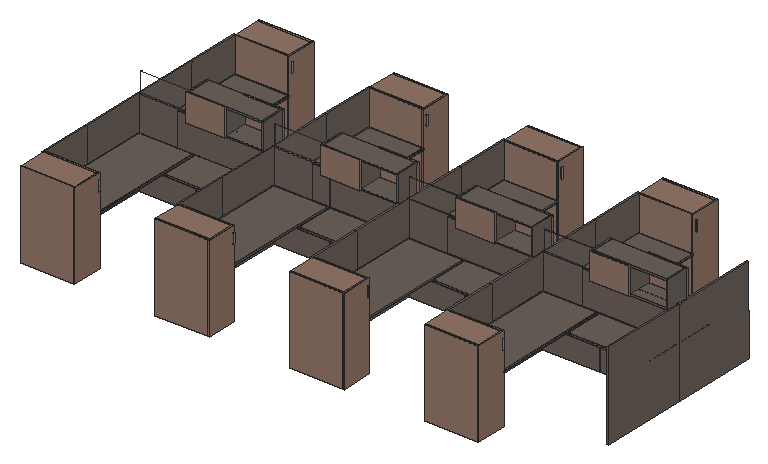
Revit family "OFS TYPICAL T200031", category Furniture, Revit 2022
Family settings
  OmniClass Number = 23.40.20.00
  OmniClass Title = General Furniture and Specialties
  Work Plane-Based = No
  Always vertical = Yes
  Cut with Voids When Loaded = No
  Render Appearance Source = Family Geometry
  Shared = No
  Room Calculation Point = No
Parameters (values of type "T200031")
  URL = "http://ofs.com/"
  Model = "T200031"
  Manufacturer = "OFS"
  Description = "OFS TYPICAL T200031"
  Default Elevation = 0' - 0"
  Copyright © = "©OFS 2024"
  Catalog = ""
  Authoring Version = "Autodesk Revit 2018"
  Assembly Code = "E2020200"
Reference planes (in)
  plane 1 "Center Front/Back": y = 0
  plane 2: z = 0
  plane 3 "Center Left/Right": x = 0
Dimensions and locks (in)
  aligned and locked: level to plane 2
Nested families (in)
  nested 1: "STAKS SLIDE OUT STORAGE TOWER Full Door" at (-10.99965, -102.97711, 0) x (0, 1, 0) z (0, 0, 1), type "STAKS SLIDE OUT STORAGE TOWER 48H Left - Three Section Felt Pocket & Section Felt Pocket & 2 Stationary Shelf"
  nested 2: "STAKS 15H SHARED ORGANIZER One Opening Per Side" at (-6.05498, 8.70865, 0), type "STAKS 15H SHARED ORGANIZER 42in W"
    with Height Above Floor 5' - 2 1/2"
  nested 3: "STAKS RECTANGULAR WORKSURFACES Short Grain" at (-7.55498, 1.33365, 0), type "STAKS RECTANGULAR WORKSURFACE 22 x 42"
    with Height Above Floor 2' - 5"
  nested 4: "STAKS RECTANGULAR WORKSURFACES Long Grain" at (-32.83365, -72.55498, 0) x (0, 1, 0) z (0, 0, 1), type "STAKS RECTANGULAR WORKSURFACE 64.5 x 30"
    with Height Above Floor 2' - 5", Depth 2' - 6", Width 5' - 4 1/2"
  nested 5: "STAKS WORKSURFACE HEIGHT PEDESTAL - FILE-FILE - NO RISER SUPPORT" at (13.08539, -23.00035, 0), type "STAKS WORKSURFACE HEIGHT PEDESTAL - FILE-FILE - NO RISER SUPPORT 19in D"
  nested 6: "STAKS SPINE OR DIVIDER WALL 48in" at (-33.83365, -73.55498, 0) x (0, 1, 0) z (0, 0, 1), type "STAKS SPINE OR DIVIDER WALL 48in X 30in"
    with Height Above Floor 4' - 0"
  nested 7: "STAKS SPINE OR DIVIDER WALL 48in" at (-38.55498, 2.33365, 0), type "STAKS SPINE OR DIVIDER WALL 48in X 31"
    with Height Above Floor 4' - 0", Width 2' - 7"
  nested 8: "STAKS SPINE OR DIVIDER WALL 48in" at (-33.83365, -43.55498, 0) x (0, 1, 0) z (0, 0, 1), type "STAKS SPINE OR DIVIDER WALL 48in X 36in"
    with Height Above Floor 4' - 0"
  nested 9: "STAKS SPINE OR DIVIDER WALL 48in" at (49.55498, -2.33365, 0) x (-1, 0, 0) z (0, 0, 1), type "STAKS SPINE OR DIVIDER WALL 48in X 42in"
    with Height Above Floor 4' - 0"
  nested 10: "STAKS SPINE OR DIVIDER WALL 48in" at (188.16635, -55.55498, 0) x (0, 1, 0) z (0, 0, 1), type "STAKS SPINE OR DIVIDER WALL 48in X 48in"
    with Height Above Floor 4' - 0"
  nested 11: "STAKS FROSTED ACRYLIC WORKSURFACE PRIVACY PANEL" at (1.25, -2.75035, 0), type "STAKS FROSTED ACRYLIC WORKSURFACE PRIVACY PANEL 30.5/13"
    with Width 2' - 6 1/2", Height 1' - 1"
  nested 12: "STAKS FABRIC TACKBOARD FOR SPINE OR DIVIDER WALL" at (-16.55498, 1.33365, 6), type ""
    with Height Above Floor 3' - 5 1/2"
  nested 13: "STAKS BENCHING CANTILEVER WORKSURFACE BRACKET - OPEN" at (22.25, -3.37535, 0), type "CANTILEVER WORKSURFACE BRACKET - OPEN 22in"
  nested 14: "STAKS BENCHING CANTILEVER WORKSURFACE BRACKET - OPEN" at (-28.12465, 7.25, 0) x (0, 1, 0) z (0, 0, 1), type "CANTILEVER WORKSURFACE BRACKET - OPEN 30in"
  nested 15: "STAKS BENCHING CANTILEVER WORKSURFACE BRACKET - MINI CONCEALED" at (13.25, -3.37535, 0), type "STAKS CANTILEVER WORKSURFACE BRACKET - MINI CONCEALED"
  nested 16: "STAKS BENCHING CANTILEVER WORKSURFACE BRACKET - OPEN" at (4.875, -3.37535, 0) x (-1, 0, 0) z (0, 0, 1), type ""
  nested 17: "STAKS BENCHING CANTILEVER WORKSURFACE BRACKET - OPEN" at (-28.12465, -71.75, 0) x (0, -1, 0) z (0, 0, 1), type ""
  nested 18: "STAKS BENCHING CANTILEVER WORKSURFACE BRACKET - OPEN" at (-28.12465, -55.79141, 0) x (0, -1, 0) z (0, 0, 1), type ""
  nested 19: "STAKS BENCHING CANTILEVER WORKSURFACE BRACKET - OPEN" at (-28.12465, -7.70859, 0) x (0, 1, 0) z (0, 0, 1), type "CANTILEVER WORKSURFACE BRACKET - OPEN 30in"
  nested 20: "STAKS SLIDE OUT STORAGE TOWER Full Door" at (-10.99965, 102.97711, 0) x (0, -1, 0) z (0, 0, 1), type ""
  nested 21: "STAKS RECTANGULAR WORKSURFACES Short Grain" at (-7.55498, -1.33365, 0), type ""
    with Height Above Floor 2' - 5"
  nested 22: "STAKS RECTANGULAR WORKSURFACES Long Grain" at (-32.83365, 72.55498, 0) x (0, -1, 0) z (0, 0, 1), type ""
    with Height Above Floor 2' - 5", Depth 2' - 6", Width 5' - 4 1/2"
  nested 23: "STAKS WORKSURFACE HEIGHT PEDESTAL - FILE-FILE - NO RISER SUPPORT" at (13.08539, 23.00035, 0), type ""
  nested 24: "STAKS SPINE OR DIVIDER WALL 48in" at (-33.83365, 73.55498, 0) x (0, -1, 0) z (0, 0, 1), type ""
    with Height Above Floor 4' - 0"
  nested 25: "STAKS SPINE OR DIVIDER WALL 48in" at (-33.83365, 43.55498, 0) x (0, -1, 0) z (0, 0, 1), type ""
    with Height Above Floor 4' - 0"
  nested 26: "STAKS BENCHING CANTILEVER WORKSURFACE BRACKET - OPEN" at (22.25, 3.37535, 0), type ""
  nested 27: "STAKS BENCHING CANTILEVER WORKSURFACE BRACKET - OPEN" at (-28.12465, -7.25, 0) x (0, -1, 0) z (0, 0, 1), type ""
  nested 28: "STAKS BENCHING CANTILEVER WORKSURFACE BRACKET - MINI CONCEALED" at (13.25, 3.37535, 0), type ""
  nested 29: "STAKS BENCHING CANTILEVER WORKSURFACE BRACKET - OPEN" at (4.875, 3.37535, 0) x (-1, 0, 0) z (0, 0, 1), type "CANTILEVER WORKSURFACE BRACKET - OPEN 22in"
  nested 30: "STAKS BENCHING CANTILEVER WORKSURFACE BRACKET - OPEN" at (-28.12465, 71.75, 0) x (0, 1, 0) z (0, 0, 1), type "CANTILEVER WORKSURFACE BRACKET - OPEN 30in"
  nested 31: "STAKS BENCHING CANTILEVER WORKSURFACE BRACKET - OPEN" at (-28.12465, 55.79141, 0) x (0, 1, 0) z (0, 0, 1), type "CANTILEVER WORKSURFACE BRACKET - OPEN 30in"
  nested 32: "STAKS BENCHING CANTILEVER WORKSURFACE BRACKET - OPEN" at (-28.12465, 7.70859, 0) x (0, -1, 0) z (0, 0, 1), type ""
  nested 33: "STAKS SLIDE OUT STORAGE TOWER Full Door" at (-84.99965, -102.97711, 0) x (0, 1, 0) z (0, 0, 1), type "STAKS SLIDE OUT STORAGE TOWER 48H Left - Three Section Felt Pocket & Section Felt Pocket & 2 Stationary Shelf"
  nested 34: "STAKS 15H SHARED ORGANIZER One Opening Per Side" at (-80.05498, 8.70865, 0), type "STAKS 15H SHARED ORGANIZER 42in W"
    with Height Above Floor 5' - 2 1/2"
  nested 35: "STAKS RECTANGULAR WORKSURFACES Short Grain" at (-81.55498, 1.33365, 0), type "STAKS RECTANGULAR WORKSURFACE 22 x 42"
    with Height Above Floor 2' - 5"
  nested 36: "STAKS RECTANGULAR WORKSURFACES Long Grain" at (-106.83365, -72.55498, 0) x (0, 1, 0) z (0, 0, 1), type "STAKS RECTANGULAR WORKSURFACE 64.5 x 30"
    with Height Above Floor 2' - 5", Depth 2' - 6", Width 5' - 4 1/2"
  nested 37: "STAKS WORKSURFACE HEIGHT PEDESTAL - FILE-FILE - NO RISER SUPPORT" at (-60.91461, -23.00035, 0), type "STAKS WORKSURFACE HEIGHT PEDESTAL - FILE-FILE - NO RISER SUPPORT 19in D"
  nested 38: "STAKS SPINE OR DIVIDER WALL 48in" at (-107.83365, -73.55498, 0) x (0, 1, 0) z (0, 0, 1), type "STAKS SPINE OR DIVIDER WALL 48in X 30in"
    with Height Above Floor 4' - 0"
  nested 39: "STAKS SPINE OR DIVIDER WALL 48in" at (-112.55498, 2.33365, 0), type "STAKS SPINE OR DIVIDER WALL 48in X 31"
    with Height Above Floor 4' - 0", Width 2' - 7"
  nested 40: "STAKS SPINE OR DIVIDER WALL 48in" at (-107.83365, -43.55498, 0) x (0, 1, 0) z (0, 0, 1), type "STAKS SPINE OR DIVIDER WALL 48in X 36in"
    with Height Above Floor 4' - 0"
  nested 41: "STAKS SPINE OR DIVIDER WALL 48in" at (-24.44502, -2.33365, 0) x (-1, 0, 0) z (0, 0, 1), type "STAKS SPINE OR DIVIDER WALL 48in X 42in"
    with Height Above Floor 4' - 0"
  nested 42: "STAKS FROSTED ACRYLIC WORKSURFACE PRIVACY PANEL" at (-72.75, -2.75035, 0), type "STAKS FROSTED ACRYLIC WORKSURFACE PRIVACY PANEL 30.5/13"
    with Width 2' - 6 1/2", Height 1' - 1"
  nested 43: "STAKS FABRIC TACKBOARD FOR SPINE OR DIVIDER WALL" at (-90.55498, 1.33365, 6), type ""
    with Height Above Floor 3' - 5 1/2"
  nested 44: "STAKS BENCHING CANTILEVER WORKSURFACE BRACKET - OPEN" at (-51.75, -3.37535, 0), type "CANTILEVER WORKSURFACE BRACKET - OPEN 22in"
  nested 45: "STAKS BENCHING CANTILEVER WORKSURFACE BRACKET - OPEN" at (-102.12465, 7.25, 0) x (0, 1, 0) z (0, 0, 1), type "CANTILEVER WORKSURFACE BRACKET - OPEN 30in"
  nested 46: "STAKS BENCHING CANTILEVER WORKSURFACE BRACKET - MINI CONCEALED" at (-60.75, -3.37535, 0), type "STAKS CANTILEVER WORKSURFACE BRACKET - MINI CONCEALED"
  nested 47: "STAKS BENCHING CANTILEVER WORKSURFACE BRACKET - OPEN" at (-69.125, -3.37535, 0) x (-1, 0, 0) z (0, 0, 1), type ""
  nested 48: "STAKS BENCHING CANTILEVER WORKSURFACE BRACKET - OPEN" at (-102.12465, -71.75, 0) x (0, -1, 0) z (0, 0, 1), type ""
  nested 49: "STAKS BENCHING CANTILEVER WORKSURFACE BRACKET - OPEN" at (-102.12465, -55.79141, 0) x (0, -1, 0) z (0, 0, 1), type ""
  nested 50: "STAKS BENCHING CANTILEVER WORKSURFACE BRACKET - OPEN" at (-102.12465, -7.70859, 0) x (0, 1, 0) z (0, 0, 1), type "CANTILEVER WORKSURFACE BRACKET - OPEN 30in"
  nested 51: "STAKS SLIDE OUT STORAGE TOWER Full Door" at (-84.99965, 102.97711, 0) x (0, -1, 0) z (0, 0, 1), type ""
  nested 52: "STAKS RECTANGULAR WORKSURFACES Short Grain" at (-81.55498, -1.33365, 0), type ""
    with Height Above Floor 2' - 5"
  nested 53: "STAKS RECTANGULAR WORKSURFACES Long Grain" at (-106.83365, 72.55498, 0) x (0, -1, 0) z (0, 0, 1), type ""
    with Height Above Floor 2' - 5", Depth 2' - 6", Width 5' - 4 1/2"
  nested 54: "STAKS WORKSURFACE HEIGHT PEDESTAL - FILE-FILE - NO RISER SUPPORT" at (-60.91461, 23.00035, 0), type ""
  nested 55: "STAKS SPINE OR DIVIDER WALL 48in" at (-107.83365, 73.55498, 0) x (0, -1, 0) z (0, 0, 1), type ""
    with Height Above Floor 4' - 0"
  nested 56: "STAKS SPINE OR DIVIDER WALL 48in" at (-107.83365, 43.55498, 0) x (0, -1, 0) z (0, 0, 1), type ""
    with Height Above Floor 4' - 0"
  nested 57: "STAKS BENCHING CANTILEVER WORKSURFACE BRACKET - OPEN" at (-51.75, 3.37535, 0), type ""
  nested 58: "STAKS BENCHING CANTILEVER WORKSURFACE BRACKET - OPEN" at (-102.12465, -7.25, 0) x (0, -1, 0) z (0, 0, 1), type ""
  nested 59: "STAKS BENCHING CANTILEVER WORKSURFACE BRACKET - MINI CONCEALED" at (-60.75, 3.37535, 0), type ""
  nested 60: "STAKS BENCHING CANTILEVER WORKSURFACE BRACKET - OPEN" at (-69.125, 3.37535, 0) x (-1, 0, 0) z (0, 0, 1), type "CANTILEVER WORKSURFACE BRACKET - OPEN 22in"
  nested 61: "STAKS BENCHING CANTILEVER WORKSURFACE BRACKET - OPEN" at (-102.12465, 71.75, 0) x (0, 1, 0) z (0, 0, 1), type "CANTILEVER WORKSURFACE BRACKET - OPEN 30in"
  nested 62: "STAKS BENCHING CANTILEVER WORKSURFACE BRACKET - OPEN" at (-102.12465, 55.79141, 0) x (0, 1, 0) z (0, 0, 1), type "CANTILEVER WORKSURFACE BRACKET - OPEN 30in"
  nested 63: "STAKS BENCHING CANTILEVER WORKSURFACE BRACKET - OPEN" at (-102.12465, 7.70859, 0) x (0, -1, 0) z (0, 0, 1), type ""
  nested 64: "STAKS SLIDE OUT STORAGE TOWER Full Door" at (137.00035, -102.97711, 0) x (0, 1, 0) z (0, 0, 1), type "STAKS SLIDE OUT STORAGE TOWER 48H Left - Three Section Felt Pocket & Section Felt Pocket & 2 Stationary Shelf"
  nested 65: "STAKS 15H SHARED ORGANIZER One Opening Per Side" at (141.94502, 8.70865, 0), type "STAKS 15H SHARED ORGANIZER 42in W"
    with Height Above Floor 5' - 2 1/2"
  nested 66: "STAKS RECTANGULAR WORKSURFACES Short Grain" at (140.44502, 1.33365, 0), type "STAKS RECTANGULAR WORKSURFACE 22 x 42"
    with Height Above Floor 2' - 5"
  nested 67: "STAKS RECTANGULAR WORKSURFACES Long Grain" at (115.16635, -72.55498, 0) x (0, 1, 0) z (0, 0, 1), type "STAKS RECTANGULAR WORKSURFACE 64.5 x 30"
    with Height Above Floor 2' - 5", Depth 2' - 6", Width 5' - 4 1/2"
  nested 68: "STAKS WORKSURFACE HEIGHT PEDESTAL - FILE-FILE - NO RISER SUPPORT" at (161.08539, -23.00035, 0), type "STAKS WORKSURFACE HEIGHT PEDESTAL - FILE-FILE - NO RISER SUPPORT 19in D"
  nested 69: "STAKS SPINE OR DIVIDER WALL 48in" at (114.16635, -73.55498, 0) x (0, 1, 0) z (0, 0, 1), type "STAKS SPINE OR DIVIDER WALL 48in X 30in"
    with Height Above Floor 4' - 0"
  nested 70: "STAKS SPINE OR DIVIDER WALL 48in" at (109.44502, 2.33365, 0), type "STAKS SPINE OR DIVIDER WALL 48in X 31"
    with Height Above Floor 4' - 0", Width 2' - 7"
  nested 71: "STAKS SPINE OR DIVIDER WALL 48in" at (114.16635, -43.55498, 0) x (0, 1, 0) z (0, 0, 1), type "STAKS SPINE OR DIVIDER WALL 48in X 36in"
    with Height Above Floor 4' - 0"
  nested 72: "STAKS SPINE OR DIVIDER WALL 48in" at (197.55498, -2.33365, 0) x (-1, 0, 0) z (0, 0, 1), type "STAKS SPINE OR DIVIDER WALL 48in X 42in"
    with Height Above Floor 4' - 0"
  nested 73: "STAKS FROSTED ACRYLIC WORKSURFACE PRIVACY PANEL" at (149.25, -2.75035, 0), type "STAKS FROSTED ACRYLIC WORKSURFACE PRIVACY PANEL 30.5/13"
    with Width 2' - 6 1/2", Height 1' - 1"
  nested 74: "STAKS FABRIC TACKBOARD FOR SPINE OR DIVIDER WALL" at (131.44502, 1.33365, 6), type ""
    with Height Above Floor 3' - 5 1/2"
  nested 75: "STAKS BENCHING CANTILEVER WORKSURFACE BRACKET - OPEN" at (170.25, -3.37535, 0), type "CANTILEVER WORKSURFACE BRACKET - OPEN 22in"
  nested 76: "STAKS BENCHING CANTILEVER WORKSURFACE BRACKET - OPEN" at (119.87535, 7.25, 0) x (0, 1, 0) z (0, 0, 1), type "CANTILEVER WORKSURFACE BRACKET - OPEN 30in"
  nested 77: "STAKS BENCHING CANTILEVER WORKSURFACE BRACKET - MINI CONCEALED" at (161.25, -3.37535, 0), type "STAKS CANTILEVER WORKSURFACE BRACKET - MINI CONCEALED"
  nested 78: "STAKS BENCHING CANTILEVER WORKSURFACE BRACKET - OPEN" at (152.875, -3.37535, 0) x (-1, 0, 0) z (0, 0, 1), type ""
  nested 79: "STAKS BENCHING CANTILEVER WORKSURFACE BRACKET - OPEN" at (119.87535, -71.75, 0) x (0, -1, 0) z (0, 0, 1), type ""
  nested 80: "STAKS BENCHING CANTILEVER WORKSURFACE BRACKET - OPEN" at (119.87535, -55.79141, 0) x (0, -1, 0) z (0, 0, 1), type ""
  nested 81: "STAKS BENCHING CANTILEVER WORKSURFACE BRACKET - OPEN" at (119.87535, -7.70859, 0) x (0, 1, 0) z (0, 0, 1), type "CANTILEVER WORKSURFACE BRACKET - OPEN 30in"
  nested 82: "STAKS SLIDE OUT STORAGE TOWER Full Door" at (137.00035, 102.97711, 0) x (0, -1, 0) z (0, 0, 1), type ""
  nested 83: "STAKS RECTANGULAR WORKSURFACES Short Grain" at (140.44502, -1.33365, 0), type ""
    with Height Above Floor 2' - 5"
  nested 84: "STAKS RECTANGULAR WORKSURFACES Long Grain" at (115.16635, 72.55498, 0) x (0, -1, 0) z (0, 0, 1), type ""
    with Height Above Floor 2' - 5", Depth 2' - 6", Width 5' - 4 1/2"
  nested 85: "STAKS WORKSURFACE HEIGHT PEDESTAL - FILE-FILE - NO RISER SUPPORT" at (161.08539, 23.00035, 0), type ""
  nested 86: "STAKS SPINE OR DIVIDER WALL 48in" at (114.16635, 73.55498, 0) x (0, -1, 0) z (0, 0, 1), type ""
    with Height Above Floor 4' - 0"
  nested 87: "STAKS SPINE OR DIVIDER WALL 48in" at (114.16635, 43.55498, 0) x (0, -1, 0) z (0, 0, 1), type ""
    with Height Above Floor 4' - 0"
  nested 88: "STAKS BENCHING CANTILEVER WORKSURFACE BRACKET - OPEN" at (170.25, 3.37535, 0), type ""
  nested 89: "STAKS BENCHING CANTILEVER WORKSURFACE BRACKET - OPEN" at (119.87535, -7.25, 0) x (0, -1, 0) z (0, 0, 1), type ""
  nested 90: "STAKS BENCHING CANTILEVER WORKSURFACE BRACKET - MINI CONCEALED" at (161.25, 3.37535, 0), type ""
  nested 91: "STAKS BENCHING CANTILEVER WORKSURFACE BRACKET - OPEN" at (152.875, 3.37535, 0) x (-1, 0, 0) z (0, 0, 1), type "CANTILEVER WORKSURFACE BRACKET - OPEN 22in"
  nested 92: "STAKS BENCHING CANTILEVER WORKSURFACE BRACKET - OPEN" at (119.87535, 71.75, 0) x (0, 1, 0) z (0, 0, 1), type "CANTILEVER WORKSURFACE BRACKET - OPEN 30in"
  nested 93: "STAKS BENCHING CANTILEVER WORKSURFACE BRACKET - OPEN" at (119.87535, 55.79141, 0) x (0, 1, 0) z (0, 0, 1), type "CANTILEVER WORKSURFACE BRACKET - OPEN 30in"
  nested 94: "STAKS BENCHING CANTILEVER WORKSURFACE BRACKET - OPEN" at (119.87535, 7.70859, 0) x (0, -1, 0) z (0, 0, 1), type ""
  nested 95: "STAKS SLIDE OUT STORAGE TOWER Full Door" at (63.00035, -102.97711, 0) x (0, 1, 0) z (0, 0, 1), type "STAKS SLIDE OUT STORAGE TOWER 48H Left - Three Section Felt Pocket & Section Felt Pocket & 2 Stationary Shelf"
  nested 96: "STAKS 15H SHARED ORGANIZER One Opening Per Side" at (67.94502, 8.70865, 0), type "STAKS 15H SHARED ORGANIZER 42in W"
    with Height Above Floor 5' - 2 1/2"
  nested 97: "STAKS RECTANGULAR WORKSURFACES Short Grain" at (66.44502, 1.33365, 0), type "STAKS RECTANGULAR WORKSURFACE 22 x 42"
    with Height Above Floor 2' - 5"
  nested 98: "STAKS RECTANGULAR WORKSURFACES Long Grain" at (41.16635, -72.55498, 0) x (0, 1, 0) z (0, 0, 1), type "STAKS RECTANGULAR WORKSURFACE 64.5 x 30"
    with Height Above Floor 2' - 5", Depth 2' - 6", Width 5' - 4 1/2"
  nested 99: "STAKS WORKSURFACE HEIGHT PEDESTAL - FILE-FILE - NO RISER SUPPORT" at (87.08539, -23.00035, 0), type "STAKS WORKSURFACE HEIGHT PEDESTAL - FILE-FILE - NO RISER SUPPORT 19in D"
  nested 100: "STAKS SPINE OR DIVIDER WALL 48in" at (40.16635, -73.55498, 0) x (0, 1, 0) z (0, 0, 1), type "STAKS SPINE OR DIVIDER WALL 48in X 30in"
    with Height Above Floor 4' - 0"
  nested 101: "STAKS SPINE OR DIVIDER WALL 48in" at (35.44502, 2.33365, 0), type "STAKS SPINE OR DIVIDER WALL 48in X 31"
    with Height Above Floor 4' - 0", Width 2' - 7"
  nested 102: "STAKS SPINE OR DIVIDER WALL 48in" at (40.16635, -43.55498, 0) x (0, 1, 0) z (0, 0, 1), type "STAKS SPINE OR DIVIDER WALL 48in X 36in"
    with Height Above Floor 4' - 0"
  nested 103: "STAKS SPINE OR DIVIDER WALL 48in" at (123.55498, -2.33365, 0) x (-1, 0, 0) z (0, 0, 1), type "STAKS SPINE OR DIVIDER WALL 48in X 42in"
    with Height Above Floor 4' - 0"
  nested 104: "STAKS FROSTED ACRYLIC WORKSURFACE PRIVACY PANEL" at (75.25, -2.75035, 0), type "STAKS FROSTED ACRYLIC WORKSURFACE PRIVACY PANEL 30.5/13"
    with Width 2' - 6 1/2", Height 1' - 1"
  nested 105: "STAKS FABRIC TACKBOARD FOR SPINE OR DIVIDER WALL" at (57.44502, 1.33365, 6), type ""
    with Height Above Floor 3' - 5 1/2"
  nested 106: "STAKS BENCHING CANTILEVER WORKSURFACE BRACKET - OPEN" at (96.25, -3.37535, 0), type "CANTILEVER WORKSURFACE BRACKET - OPEN 22in"
  nested 107: "STAKS BENCHING CANTILEVER WORKSURFACE BRACKET - OPEN" at (45.87535, 7.25, 0) x (0, 1, 0) z (0, 0, 1), type "CANTILEVER WORKSURFACE BRACKET - OPEN 30in"
  nested 108: "STAKS BENCHING CANTILEVER WORKSURFACE BRACKET - MINI CONCEALED" at (87.25, -3.37535, 0), type "STAKS CANTILEVER WORKSURFACE BRACKET - MINI CONCEALED"
  nested 109: "STAKS BENCHING CANTILEVER WORKSURFACE BRACKET - OPEN" at (78.875, -3.37535, 0) x (-1, 0, 0) z (0, 0, 1), type ""
  nested 110: "STAKS BENCHING CANTILEVER WORKSURFACE BRACKET - OPEN" at (45.87535, -71.75, 0) x (0, -1, 0) z (0, 0, 1), type ""
  nested 111: "STAKS BENCHING CANTILEVER WORKSURFACE BRACKET - OPEN" at (45.87535, -55.79141, 0) x (0, -1, 0) z (0, 0, 1), type ""
  nested 112: "STAKS BENCHING CANTILEVER WORKSURFACE BRACKET - OPEN" at (45.87535, -7.70859, 0) x (0, 1, 0) z (0, 0, 1), type "CANTILEVER WORKSURFACE BRACKET - OPEN 30in"
  nested 113: "STAKS SLIDE OUT STORAGE TOWER Full Door" at (63.00035, 102.97711, 0) x (0, -1, 0) z (0, 0, 1), type ""
  nested 114: "STAKS RECTANGULAR WORKSURFACES Short Grain" at (66.44502, -1.33365, 0), type ""
    with Height Above Floor 2' - 5"
  nested 115: "STAKS RECTANGULAR WORKSURFACES Long Grain" at (41.16635, 72.55498, 0) x (0, -1, 0) z (0, 0, 1), type ""
    with Height Above Floor 2' - 5", Depth 2' - 6", Width 5' - 4 1/2"
  nested 116: "STAKS WORKSURFACE HEIGHT PEDESTAL - FILE-FILE - NO RISER SUPPORT" at (87.08539, 23.00035, 0), type ""
  nested 117: "STAKS SPINE OR DIVIDER WALL 48in" at (40.16635, 73.55498, 0) x (0, -1, 0) z (0, 0, 1), type ""
    with Height Above Floor 4' - 0"
  nested 118: "STAKS SPINE OR DIVIDER WALL 48in" at (40.16635, 43.55498, 0) x (0, -1, 0) z (0, 0, 1), type ""
    with Height Above Floor 4' - 0"
  nested 119: "STAKS BENCHING CANTILEVER WORKSURFACE BRACKET - OPEN" at (96.25, 3.37535, 0), type ""
  nested 120: "STAKS BENCHING CANTILEVER WORKSURFACE BRACKET - OPEN" at (45.87535, -7.25, 0) x (0, -1, 0) z (0, 0, 1), type ""
  nested 121: "STAKS BENCHING CANTILEVER WORKSURFACE BRACKET - MINI CONCEALED" at (87.25, 3.37535, 0), type ""
  nested 122: "STAKS BENCHING CANTILEVER WORKSURFACE BRACKET - OPEN" at (78.875, 3.37535, 0) x (-1, 0, 0) z (0, 0, 1), type "CANTILEVER WORKSURFACE BRACKET - OPEN 22in"
  nested 123: "STAKS BENCHING CANTILEVER WORKSURFACE BRACKET - OPEN" at (45.87535, 71.75, 0) x (0, 1, 0) z (0, 0, 1), type "CANTILEVER WORKSURFACE BRACKET - OPEN 30in"
  nested 124: "STAKS BENCHING CANTILEVER WORKSURFACE BRACKET - OPEN" at (45.87535, 55.79141, 0) x (0, 1, 0) z (0, 0, 1), type "CANTILEVER WORKSURFACE BRACKET - OPEN 30in"
  nested 125: "STAKS BENCHING CANTILEVER WORKSURFACE BRACKET - OPEN" at (45.87535, 7.70859, 0) x (0, -1, 0) z (0, 0, 1), type ""
  nested 126: "STAKS SPINE OR DIVIDER WALL 48in" at (188.16635, 55.55498, 0) x (0, -1, 0) z (0, 0, 1), type ""
    with Height Above Floor 4' - 0"
Definition of nested family "STAKS SLIDE OUT STORAGE TOWER Full Door"
  Parameters (values of type "STAKS SLIDE OUT STORAGE TOWER 42H Right - Three Section Felt Pocket & Section Felt Pocket & Stationary Shelf")
    URL = "http://www.ofs.com/"
    Right = yes
    Model = "6-1742SOSR1"
    Manufacturer = "OFS"
    Left = no
    Height = 3' - 6"
    Door Material = none
    Door Handle Material = none
    Description = "OFS STAKS SLIDE OUT STORAGE TOWER 42in Height, Right Aligned, Three Section Felt Pocket& Section Felt Pocket & Stationary Shelf"
    Width = 1' - 5"
    Depth = 2' - 6"
    Default Elevation = 0' - 0"
    Copyright © = "© 2018 OFS"
    Chasis Material = none
    Catalog = "https://ofs.com/products/casegoods/private-office/staks"
    Board Width = 0' - 0 3/4"
    Authoring Version = "Autodesk Revit Architecture 2013"
    Assembly Code = "E2020200"
  Types (12): name | Right | Model | Left | Height | Description
    STAKS SLIDE OUT STORAGE TOWER 42H Left - Three Section Felt Pocket & Section Felt Pocket & Stationary Shelf | no | "6-1742SOSL1" | yes | 3' - 6" | "OFS STAKS SLIDE OUT STORAGE TOWER 42in Height, Left Aligned, Three Section Felt Pocket& Section Felt Pocket & Stationary Shelf"
    STAKS SLIDE OUT STORAGE TOWER 42H Right - Three Section Felt Pocket & Section Felt Pocket & Stationary Shelf | yes | "6-1742SOSR1" | no | 3' - 6" | "OFS STAKS SLIDE OUT STORAGE TOWER 42in Height, Right Aligned, Three Section Felt Pocket& Section Felt Pocket & Stationary Shelf"
    STAKS SLIDE OUT STORAGE TOWER 48H Right - Three Section Felt Pocket & Section Felt Pocket & 2 Stationary Shelf | yes | "6-1748SOSR1" | no | 4' - 0" | "OFS STAKS SLIDE OUT STORAGE TOWER 48in Height, Right Aligned, Three Section Felt Pocket& Section Felt Pocket & 2 Stationary Shelf"
    STAKS SLIDE OUT STORAGE TOWER 48H Left - Three Section Felt Pocket & Section Felt Pocket & 2 Stationary Shelf | no | "6-1748SOSL1" | yes | 4' - 0" | "OFS STAKS SLIDE OUT STORAGE TOWER 48in Height, Left Aligned, Three Section Felt Pocket& Section Felt Pocket & 2 Stationary Shelf"
    STAKS SLIDE OUT STORAGE TOWER 42H Left - Box Drawer & 2 Stationary Shelf | no | "6-1742SOSL2" | yes | 3' - 6" | "OFS STAKS SLIDE OUT STORAGE TOWER 42in Height, Left Aligned, Box Drawer & 2 Stationary Shelf"
    STAKS SLIDE OUT STORAGE TOWER 42H Right - Box Drawer & 2 Stationary Shelf | yes | "6-1742SOSR2" | no | 3' - 6" | "OFS STAKS SLIDE OUT STORAGE TOWER 42in Height, Right Aligned, Box Drawer & 2 Stationary Shelf"
    STAKS SLIDE OUT STORAGE TOWER 48H Left - Box Drawer & 3 Stationary Shelf | no | "6-1748SOSL2" | yes | 4' - 0" | "OFS STAKS SLIDE OUT STORAGE TOWER 48in Height, Left Aligned, Box Drawer & 3 Stationary Shelf"
    STAKS SLIDE OUT STORAGE TOWER 48H Right - Box Drawer & 3 Stationary Shelf | yes | "6-1748SOSR2" | no | 4' - 0" | "OFS STAKS SLIDE OUT STORAGE TOWER 48in Height, Left Aligned, Box Drawer & 3 Stationary Shelf"
    STAKS SLIDE OUT STORAGE TOWER 42H Left - 2 Stationary Shelf | no | "6-1742SOSL3" | yes | 3' - 6" | "OFS STAKS SLIDE OUT STORAGE TOWER 42in Height, Left Aligned, 2 Stationary Shelf"
    STAKS SLIDE OUT STORAGE TOWER 48H Left - 3 Stationary Shelf | no | "6-1748SOSL3" | yes | 4' - 0" | "OFS STAKS SLIDE OUT STORAGE TOWER 48in Height, Left Aligned, 3 Stationary Shelf"
    STAKS SLIDE OUT STORAGE TOWER 42H Right - 2 Stationary Shelf | yes | "6-1742SOSR3" | no | 3' - 6" | "OFS STAKS SLIDE OUT STORAGE TOWER 42in Height, Right Aligned, 2 Stationary Shelf"
    STAKS SLIDE OUT STORAGE TOWER 48H Right - 3 Stationary Shelf | yes | "6-1748SOSR3" | no | 3' - 6" | "OFS STAKS SLIDE OUT STORAGE TOWER 48in Height, Right Aligned, 3 Stationary Shelf"
  Reference planes (in)
    plane 1: z = 0
    plane 2 "Right": x = 20.97711
    plane 3 "PEDESTAL TOP": z = 41.25
    plane 4: z = 1.25
    plane 5: z = 0.5
    plane 6: z = 42
    plane 7: x = 37.97711
    plane 8: y = -9.24965
    plane 9: y = -9.99965
    plane 10: x = 21.72711
    plane 11: x = 37.22711
    plane 12: y = 20.00035
    plane 13: y = 5.00035
    plane 14: x = 29.47711
    plane 15: y = 19.25035
    plane 16: z = 41.875
    plane 17: z = 0.625
    plane 18: x = 21.03961
    plane 19: x = 37.91461
    plane 20: z = 3.57087
    plane 21: z = 2.82087
    plane 22: y = -4.24965
    plane 23: z = 39.07406
    plane 24: z = 38.69906
    plane 25: z = 34.01156
    plane 26: z = 33.63656
    plane 27: y = -10.99965
    plane 28: y = -10.74965
    plane 29: x = 36.41461
    plane 30: x = 36.91461
    plane 31: x = 22.53961
    plane 32: x = 22.03961
  Forms (in)
    Extrusion 1, solid, material <- "Door Material"
      sketch origin (65.97711, 5, -13.1802) x (0, 1, 0) y (0, 0, -1)
        loop
          line (-14.99965, -55.0552) -> (-14.24965, -55.0552) -> (-14.24965, -13.8052) -> (-14.99965, -13.8052) -> (-14.99965, -55.0552)
      from 28.0625 to 44.9375
    Extrusion 2, solid, material <- "Chasis Material"
      sketch origin (44.95422, -1.24965, 0) x (-1, 0, 0) y (0, 0, -1)
        loop
          line (6.97711, -0.5) -> (6.97711, -42) -> (7.72711, -42) -> (7.72711, -0.5) -> (6.97711, -0.5)
      from -21.25 to 8
    Extrusion 3, solid, material <- "Chasis Material"
      sketch origin (31.20422, -1.24965, 0) x (-1, 0, 0) y (0, 0, -1)
        loop
          line (9.47711, -0.5) -> (9.47711, -42) -> (10.22711, -42) -> (10.22711, -0.5) -> (9.47711, -0.5)
      from -21.25 to 8
    Extrusion 4, solid, material <- "Chasis Material"
      sketch origin (22.60211, 31.02324, 0) x (0, 1, 0) y (0, 0, -1)
        loop
          line (-11.77289, -0.5) -> (-11.77289, -41.25) -> (-11.02289, -41.25) -> (-11.02289, -0.5) -> (-11.77289, -0.5)
      from -14.625 to 0.875
    Extrusion 5, solid, material <- "Chasis Material"
      sketch origin (84.51466, 23.31058, 11.25) x (1, 0, 0) y (0, 1, 0)
        loop
          line (-47.28755, -3.31023) -> (-62.78755, -3.31023) -> (-62.78755, -32.56023) -> (-47.28755, -32.56023) -> (-47.28755, -3.31023)
      from 30.75 to 30
    Extrusion 6, solid, material <- "Chasis Material"
      sketch origin (41.95422, 10.87535, -22.67913) x (-1, 0, 0) y (0, 0, -1)
        loop
          line (4.72711, -26.25) -> (20.22711, -26.25) -> (20.22711, -25.5) -> (4.72711, -25.5) -> (4.72711, -26.25)
      from -8.375 to 15.125
    Extrusion 7, solid, material <- "Door Handle Material", visible <- "Left"
      sketch origin (-12.02289, 0, 0) x (0, 1, 0) y (0, 0, 1)
        loop
          line (-10.99965, 33.63656) -> (-9.99965, 33.63656) -> (-9.99965, 34.01156) -> (-10.74965, 34.01156) -> (-10.74965, 38.69906) -> (-9.99965, 38.69906) -> (-9.99965, 39.07406) -> (-10.99965, 39.07406) -> (-10.99965, 33.63656)
      from 48.4375 to 48.9375
    Extrusion 8, solid, material <- "Door Handle Material", visible <- "Right"
      sketch origin (70.97711, 0, 0) x (0, 1, 0) y (0, 0, -1)
        loop
          line (-10.99965, -33.63656) -> (-10.99965, -39.07406) -> (-9.99965, -39.07406) -> (-9.99965, -38.69906) -> (-10.74965, -38.69906) -> (-10.74965, -34.01156) -> (-9.99965, -34.01156) -> (-9.99965, -33.63656) -> (-10.99965, -33.63656)
      from 48.4375 to 48.9375
  Dimensions and locks (in)
    "Board Width": plane 9 to plane 8
    "Width": plane 7 to plane 2 "Right"
    "Board Width": plane 7 to plane 11
    "Board Width": plane 15 to plane 12
    "Board Width": plane 2 "Right" to plane 10
    equal spacing: plane 2 "Right", plane 14, plane 7
    "Depth": plane 9 to plane 12
    "Board Width": plane 6 to plane 3 "PEDESTAL TOP"
    "Board Width": plane 4 to plane 5
    "Height": plane 6 to level
    equal spacing: plane 9, plane 13, plane 12
    locked: plane 6 to plane 16 at 0.125
    locked: plane 17 to plane 5 at 0.125
    locked: plane 18 to plane 2 "Right" at 0.0625
    locked: plane 19 to plane 7 at 0.0625
    locked: plane 5 to plane 1 at 0.5
    locked: plane 21 to plane 4 at 1.57087
    "Board Width": plane 20 to plane 21
    locked: plane 8 to plane 22 at 5
    plane 29 to plane 30 to plane 7 = 0' - 0 1/2" locked, 0' - 1 1/16" locked
    plane 6 to plane 23 to plane 24 to plane 25 to plane 26 = 0' - 2.92594" locked, 0' - 0 3/8" locked, 0' - 4 11/16" locked, 0' - 0 3/8" locked
    plane 9 to plane 28 to plane 27 = 0' - 0 3/4" locked, 0' - 0 1/4" locked
    plane 31 to plane 32 to plane 2 "Right" = 0' - 0 1/2" locked, 0' - 1 1/16" locked
    aligned and locked: level to plane 1
    aligned and locked: plane 12 to Extrusion 3
    aligned and locked: Extrusion 3 to plane 8
    aligned and locked: Extrusion 2 to plane 8
    aligned and locked: plane 12 to Extrusion 2
    aligned and locked: plane 11 to Extrusion 4
    aligned and locked: Extrusion 4 to plane 10
    aligned and locked: plane 10 to Extrusion 3
    aligned and locked: plane 2 "Right" to Extrusion 3
    aligned and locked: Extrusion 2 to plane 11
    aligned and locked: plane 7 to Extrusion 2
    aligned and locked: plane 12 to Extrusion 4
    aligned and locked: plane 8 to Extrusion 1 sketch curve
    aligned and locked: Extrusion 1 sketch curve to plane 9
    aligned and locked: plane 6 to Extrusion 5
    aligned and locked: Extrusion 5 to plane 3 "PEDESTAL TOP"
    aligned and locked: Extrusion 5 to plane 12
    aligned and locked: plane 10 to Extrusion 5
    aligned and locked: Extrusion 5 to plane 11
    aligned and locked: plane 6 to Extrusion 2
    aligned and locked: plane 6 to Extrusion 3
    aligned and locked: plane 8 to Extrusion 5
    aligned and locked: plane 15 to Extrusion 4
    aligned and locked: plane 16 to Extrusion 1
    aligned and locked: Extrusion 1 to plane 17
    aligned and locked: Extrusion 1 to plane 19
    aligned and locked: Extrusion 1 to plane 18
    aligned and locked: plane 10 to Extrusion 6
    aligned and locked: Extrusion 6 to plane 11
    aligned and locked: plane 20 to Extrusion 6
    aligned and locked: Extrusion 6 to plane 21
    aligned and locked: Extrusion 6 to plane 15
    aligned and locked: plane 22 to Extrusion 6
    aligned and locked: plane 27 to Extrusion 7 sketch curve
    aligned and locked: plane 23 to Extrusion 7 sketch curve
    aligned and locked: plane 26 to Extrusion 7 sketch curve
    aligned and locked: Extrusion 7 sketch curve to plane 9
    aligned and locked: plane 25 to Extrusion 7 sketch curve
    aligned and locked: plane 28 to Extrusion 7 sketch curve
    aligned and locked: plane 24 to Extrusion 7 sketch curve
    aligned and locked: Extrusion 7 to plane 30
    aligned and locked: plane 29 to Extrusion 7
    aligned and locked: plane 32 to Extrusion 8  (x2)
    aligned and locked: Extrusion 8 to plane 31  (x2)
    aligned and locked: plane 28 to Extrusion 8
    aligned and locked: Extrusion 8 to plane 27
    aligned and locked: plane 23 to Extrusion 8
    aligned and locked: Extrusion 8 to plane 24
    aligned and locked: plane 25 to Extrusion 8
    aligned and locked: Extrusion 8 to plane 26
    aligned and locked: Extrusion 8 to plane 9  (x2)
  Automatic sketch dimensions
    Extrusion 7 sketch curve to plane 9 = 0' - 0"
    Extrusion 8 sketch curve to plane 23 = 0' - 0"
    Extrusion 8 sketch curve to plane 27 = 0' - 0"
    Extrusion 8 sketch curve to plane 25 = 0' - 0"
    Extrusion 8 sketch curve to plane 28 = 0' - 0"
    Extrusion 8 sketch curve to plane 9 = 0' - 0"  (x2)
    Extrusion 8 sketch curve to plane 24 = 0' - 0"
    Extrusion 8 sketch curve to plane 26 = 0' - 0"
    Extrusion 1 sketch curve to plane 17 = 0' - 0"
    Extrusion 1 sketch curve to plane 16 = 0' - 0"
    Extrusion 2 sketch curve to plane 5 = 0' - 0"
    plane 7 to Extrusion 2 sketch curve = 0' - 0"
    Extrusion 2 sketch curve to plane 6 = 0' - 0"
    plane 11 to Extrusion 2 sketch curve = 0' - 0"
    Extrusion 3 sketch curve to plane 5 = 0' - 0"
    plane 10 to Extrusion 3 sketch curve = 0' - 0"
    Extrusion 3 sketch curve to plane 2 "Right" = 0' - 0"
    Extrusion 3 sketch curve to plane 6 = 0' - 0"
    Extrusion 4 sketch curve to plane 5 = 0' - 0"
    Extrusion 4 sketch curve to plane 15 = 0' - 0"
    Extrusion 4 sketch curve to plane 3 "PEDESTAL TOP" = 0' - 0"
    Extrusion 4 sketch curve to plane 12 = 0' - 0"
    Extrusion 5 sketch curve to plane 10 = 0' - 0"
    plane 8 to Extrusion 5 sketch curve = 0' - 0"
    Extrusion 5 sketch curve to plane 11 = 0' - 0"
    plane 12 to Extrusion 5 sketch curve = 0' - 0"
    plane 11 to Extrusion 6 sketch curve = 0' - 0"
    plane 10 to Extrusion 6 sketch curve = 0' - 0"
    Extrusion 6 sketch curve to plane 20 = 0' - 0"
    Extrusion 6 sketch curve to plane 21 = 0' - 0"
Definition of nested family "STAKS 15H SHARED ORGANIZER One Opening Per Side"
  Parameters (values of type "STAKS 15H SHARED ORGANIZER 30in W")
    URL = "http://www.ofs.com/"
    Height Above Floor [instance] = 5' - 2 1/2"
    Height = 1' - 3"
    Doors Material = none
    Depth = 1' - 2 1/2"
    Model = "6-3015SORG2A"
    Manufacturer = "OFS"
    Description = "OFS STAKS 15H SHARED ORGANIZER 30\" Width, One Opening per Side"
    Width = 2' - 6"
    Default Elevation = 0' - 0"
    Copyright © = "© 2018 OFS"
    Catalog = "https://ofs.com/products/casegoods/private-office/staks"
    Board Material = none
    Board Thickness = 0' - 0 3/4"
    Authoring Version = "Autodesk Revit Architecture 2013"
    Assembly Code = "E2020200"
  Types (3): name | Model | Description | Width
    STAKS 15H SHARED ORGANIZER 36in W | "6-3615SORG2A" | "OFS STAKS 15H SHARED ORGANIZER 36\" Width, One Opening per Side" | 3' - 0"
    STAKS 15H SHARED ORGANIZER 42in W | "6-4215SORG2A" | "OFS STAKS 15H SHARED ORGANIZER 42\" Width, One Opening per Side" | 3' - 6"
    STAKS 15H SHARED ORGANIZER 30in W | "6-3015SORG2A" | "OFS STAKS 15H SHARED ORGANIZER 30\" Width, One Opening per Side" | 2' - 6"
  Reference planes (in)
    plane 1: z = -0.125
    plane 2 "LEFT": x = 12.05498
    plane 3 "RIGHT": x = 42.05498
    plane 4 "BACK": y = -1.83365
    plane 5 "FRONT": y = -14.83365
    plane 6: x = 12.80498
    plane 7: x = 41.30498
    plane 8: z = 47.375
    plane 9 "SURFACE TOP": z = 62.375
    plane 10: z = 48.125
    plane 11: x = 27.05498
    plane 12: z = 61.625
    plane 13: y = -8.33365
    plane 14: y = -7.95865
    plane 15: y = -8.70865
    plane 16: x = 27.42998
    plane 17: x = 26.67998
    plane 18: y = -1.08365
    plane 19: y = -15.58365
  Forms (in)
    Extrusion 1, solid, material <- "Board Material"
      sketch origin (0, 0, 62.375) x (0, 1, 0) y (-1, 0, 0)
        loop
          line (-1.83365, -12.80498) -> (-14.83365, -12.80498) -> (-14.83365, -41.30498) -> (-1.83365, -41.30498) -> (-1.83365, -12.80498)
      from -14.25 to -15
    Extrusion 2, solid, material <- "Board Material"
      sketch origin (0, 0, 62.375) x (0, 1, 0) y (-1, 0, 0)
        loop
          line (-1.83365, -12.80498) -> (-1.83365, -12.05498) -> (-14.83365, -12.05498) -> (-14.83365, -12.80498) -> (-1.83365, -12.80498)
        loop
          line (-1.83365, -42.05498) -> (-1.83365, -41.30498) -> (-14.83365, -41.30498) -> (-14.83365, -42.05498) -> (-1.83365, -42.05498)
      from 0 to -15
    Extrusion 3, solid, material <- "Board Material"
      sketch origin (0, 0, 27.375) x (0, 1, 0) y (-1, 0, 0)
        loop
          line (-1.83365, -12.80498) -> (-14.83365, -12.80498) -> (-14.83365, -41.30498) -> (-1.83365, -41.30498) -> (-1.83365, -12.80498)
      from 35 to 34.25
    Extrusion 4, solid, material <- "Board Material"
      sketch origin (0, 0, 62.375) x (0, 1, 0) y (-1, 0, 0)
        loop
          line (-1.83365, -26.67998) -> (-14.83365, -26.67998) -> (-14.83365, -27.42998) -> (-1.83365, -27.42998) -> (-1.83365, -26.67998)
      from -0.75 to -14.25
    Extrusion 5, solid, material <- "Doors Material"
      sketch origin (-1.5309, -10.89295, 62.375) x (0, 1, 0) y (-1, 0, 0)
        loop
          line (-3.9407, -13.58589) -> (-4.6907, -13.58589) -> (-4.6907, -28.96089) -> (-3.9407, -28.96089) -> (-3.9407, -13.58589)
      from 0 to -15
    Extrusion 6, solid, material <- "Doors Material"
      sketch origin (30.99601, 21.63396, 62.375) x (0, 1, 0) y (-1, 0, 0)
        loop
          line (-22.71762, 4.31603) -> (-23.46762, 4.31603) -> (-23.46762, -11.05897) -> (-22.71762, -11.05897) -> (-22.71762, 4.31603)
      from 0 to -15
  Dimensions and locks (in)
    "Width": plane 2 "LEFT" to plane 3 "RIGHT"
    "Height": plane 9 "SURFACE TOP" to plane 8
    "Board Thickness": plane 2 "LEFT" to plane 6
    "Board Thickness": plane 7 to plane 3 "RIGHT"
    "Height Above Floor": plane 9 "SURFACE TOP" to level
    "Board Thickness": plane 10 to plane 8
    equal spacing: plane 2 "LEFT", plane 11, plane 3 "RIGHT"
    "Board Thickness": plane 9 "SURFACE TOP" to plane 12
    equal spacing: plane 4 "BACK", plane 13, plane 5 "FRONT"
    equal spacing: plane 14, plane 13, plane 15
    "Board Thickness": plane 14 to plane 15
    equal spacing: plane 17, plane 11, plane 16
    "Board Thickness": plane 17 to plane 16
    "Depth": plane 18 to plane 19
    "Board Thickness": plane 18 to plane 4 "BACK"
    "Board Thickness": plane 5 "FRONT" to plane 19
    aligned: level to plane 1
    aligned and locked: Extrusion 1 sketch curve to plane 4 "BACK"
    aligned and locked: plane 6 to Extrusion 1 sketch curve
    aligned and locked: plane 5 "FRONT" to Extrusion 1 sketch curve
    aligned and locked: Extrusion 1 sketch curve to plane 7
    aligned and locked: Extrusion 1 to plane 8
    aligned and locked: plane 10 to Extrusion 1
    aligned and locked: Extrusion 1 to Extrusion 2 sketch curve  (x2)
    aligned and locked: Extrusion 2 sketch curve to Extrusion 1  (x2)
    aligned and locked: Extrusion 2 sketch curve to plane 5 "FRONT"
    aligned and locked: Extrusion 2 sketch curve to plane 2 "LEFT"
    aligned and locked: plane 4 "BACK" to Extrusion 2 sketch curve
    aligned and locked: plane 3 "RIGHT" to Extrusion 2 sketch curve
    aligned and locked: Extrusion 2 to plane 8
    aligned and locked: plane 9 "SURFACE TOP" to Extrusion 2
    aligned and locked: plane 9 "SURFACE TOP" to Extrusion 3
    aligned and locked: Extrusion 3 to plane 12
    aligned and locked: plane 4 "BACK" to Extrusion 3
    aligned and locked: Extrusion 3 to plane 5 "FRONT"
    aligned and locked: Extrusion 3 to plane 6
    aligned and locked: plane 7 to Extrusion 3
    aligned and locked: Extrusion 4 sketch curve to plane 17
    aligned and locked: plane 5 "FRONT" to Extrusion 4 sketch curve
    aligned and locked: Extrusion 4 sketch curve to plane 16
    aligned and locked: Extrusion 5 to plane 2 "LEFT"
    aligned and locked: plane 16 to Extrusion 5
    aligned and locked: plane 17 to Extrusion 6
    aligned and locked: plane 3 "RIGHT" to Extrusion 6
    aligned and locked: Extrusion 6 to plane 4 "BACK"
    aligned and locked: plane 18 to Extrusion 6
    aligned and locked: plane 5 "FRONT" to Extrusion 5
    aligned and locked: Extrusion 5 to plane 19
    aligned and locked: Extrusion 5 to plane 8
    aligned and locked: plane 9 "SURFACE TOP" to Extrusion 5
    aligned and locked: plane 9 "SURFACE TOP" to Extrusion 6
    aligned and locked: Extrusion 6 to plane 8
    aligned and locked: Extrusion 4 to plane 4 "BACK"
  Automatic sketch dimensions
    Extrusion 3 sketch curve to plane 5 "FRONT" = 0' - 0"
    Extrusion 3 sketch curve to plane 4 "BACK" = 0' - 0"
    Extrusion 3 sketch curve to plane 7 = 0' - 0"
    Extrusion 3 sketch curve to plane 6 = 0' - 0"
    Extrusion 5 sketch curve to plane 2 "LEFT" = 0' - 0"
    Extrusion 5 sketch curve to plane 19 = 0' - 0"
    Extrusion 5 sketch curve to plane 7 = 1' - 1 7/8"
    Extrusion 5 sketch curve to Extrusion 5 sketch curve = 0' - 0 3/4"
    Extrusion 6 sketch curve to plane 18 = 0' - 0 3/4"
    plane 18 to Extrusion 6 sketch curve = 0' - 0"
    plane 3 "RIGHT" to Extrusion 6 sketch curve = 0' - 0"
    Extrusion 6 sketch curve to plane 7 = 1' - 2 5/8"
    plane 15 to Extrusion 4 sketch curve = 0' - 6 7/8"
Definition of nested family "STAKS RECTANGULAR WORKSURFACES Short Grain"
  Parameters (values of type "STAKS RECTANGULAR WORKSURFACE 22 x 15.625")
    URL = "http://www.ofs.com/"
    Height Above Floor [instance] = 2' - 5"
    Height = 0' - 1 1/8"
    Depth = 1' - 10"
    Model = "6-MCT-22/15.625"
    Manufacturer = "OFS"  # constant formula
    Description = "OFS STAKS 22 X 15.625 RECTANGULAR WORKSURFACE For Worksurface or Low Height Applications, Short Grain"
    Width = 1' - 3 5/8"
    Default Elevation = 0' - 0"
    Copyright © = "© 2018 OFS"  # constant formula
    Catalog = "https://ofs.com/products/casegoods/private-office/staks"  # constant formula
    Authoring Version = "Autodesk Revit Architecture 2013"
    Assembly Code = "E2020200"
  Types (24): name | Model | Description | Width
    STAKS RECTANGULAR WORKSURFACE 22 x 15.625 | "6-MCT-22/15.625" | "OFS STAKS 22 X 15.625 RECTANGULAR WORKSURFACE For Worksurface or Low Height Applications, Short Grain" | 1' - 3 5/8"
    STAKS RECTANGULAR WORKSURFACE 22 x 34 | "6-MCT-22/34" | "OFS STAKS 22 X 34 RECTANGULAR WORKSURFACE For Worksurface or Low Height Applications, Short Grain" | 2' - 10"
    STAKS RECTANGULAR WORKSURFACE 22 x 36 | "6-MCT-22/36" | "OFS STAKS 22 X 36 RECTANGULAR WORKSURFACE For Worksurface or Low Height Applications, Short Grain" | 3' - 0"
    STAKS RECTANGULAR WORKSURFACE 22 x 42 | "6-MCT-22/42" | "OFS STAKS 22 X 42 RECTANGULAR WORKSURFACE For Worksurface or Low Height Applications, Short Grain" | 3' - 6"
    STAKS RECTANGULAR WORKSURFACE 22 x 46 | "6-MCT-22/46" | "OFS STAKS 22 X 46 RECTANGULAR WORKSURFACE For Worksurface or Low Height Applications, Short Grain" | 3' - 10"
    STAKS RECTANGULAR WORKSURFACE 22 x 48 | "6-MCT-22/48" | "OFS STAKS 22 X 48 RECTANGULAR WORKSURFACE For Worksurface or Low Height Applications, Short Grain" | 4' - 0"
    STAKS RECTANGULAR WORKSURFACE 22 x 48.5 | "6-MCT-22/48.5" | "OFS STAKS 22 X 48.5 RECTANGULAR WORKSURFACE For Worksurface or Low Height Applications, Short Grain" | 4' - 0 1/2"
    STAKS RECTANGULAR WORKSURFACE 22 x 54 | "6-MCT-22/54" | "OFS STAKS 22 X 54 RECTANGULAR WORKSURFACE For Worksurface or Low Height Applications, Short Grain" | 4' - 6"
    STAKS RECTANGULAR WORKSURFACE 22 x 55.5 | "6-MCT-22/55.5" | "OFS STAKS 22 X 55.5 RECTANGULAR WORKSURFACE For Worksurface or Low Height Applications, Short Grain" | 4' - 7 1/2"
    STAKS RECTANGULAR WORKSURFACE 22 x 59 | "6-MCT-22/59" | "OFS STAKS 22 X 59 RECTANGULAR WORKSURFACE For Worksurface or Low Height Applications, Short Grain" | 4' - 11"
    STAKS RECTANGULAR WORKSURFACE 22 x 60 | "6-MCT-22/60" | "OFS STAKS 22 X 60 RECTANGULAR WORKSURFACE For Worksurface or Low Height Applications, Short Grain" | 5' - 0"
    STAKS RECTANGULAR WORKSURFACE 22 x 64 | "6-MCT-22/64" | "OFS STAKS 22 X 64 RECTANGULAR WORKSURFACE For Worksurface or Low Height Applications, Short Grain" | 5' - 4"
    STAKS RECTANGULAR WORKSURFACE 22 x 66 | "6-MCT-22/66" | "OFS STAKS 22 X 66 RECTANGULAR WORKSURFACE For Worksurface or Low Height Applications, Short Grain" | 5' - 6"
    STAKS RECTANGULAR WORKSURFACE 22 x 69.625 | "6-MCT-22/69.625" | "OFS STAKS 22 X 69.625 RECTANGULAR WORKSURFACE For Worksurface or Low Height Applications, Short Grain" | 5' - 9 5/8"
    STAKS RECTANGULAR WORKSURFACE 22 x 70.5 | "6-MCT-22/70.5" | "OFS STAKS 22 X 70.5 RECTANGULAR WORKSURFACE For Worksurface or Low Height Applications, Short Grain" | 5' - 10 1/2"
    STAKS RECTANGULAR WORKSURFACE 22 x 72 | "6-MCT-22/72" | "OFS STAKS 22 X 72 RECTANGULAR WORKSURFACE For Worksurface or Low Height Applications, Short Grain" | 6' - 0"
    STAKS RECTANGULAR WORKSURFACE 22 x 74 | "6-MCT-22/74" | "OFS STAKS 22 X 74 RECTANGULAR WORKSURFACE For Worksurface or Low Height Applications, Short Grain" | 6' - 2"
    STAKS RECTANGULAR WORKSURFACE 22 x 78 | "6-MCT-22/78" | "OFS STAKS 22 X 78 RECTANGULAR WORKSURFACE For Worksurface or Low Height Applications, Short Grain" | 6' - 6"
    STAKS RECTANGULAR WORKSURFACE 22 x 82.5 | "6-MCT-22/82.5" | "OFS STAKS 22 X 82.5 RECTANGULAR WORKSURFACE For Worksurface or Low Height Applications, Short Grain" | 6' - 10 1/2"
    STAKS RECTANGULAR WORKSURFACE 22 x 84 | "6-MCT-22/84" | "OFS STAKS 22 X 84 RECTANGULAR WORKSURFACE For Worksurface or Low Height Applications, Short Grain" | 7' - 0"
    STAKS RECTANGULAR WORKSURFACE 22 x 87.625 | "6-MCT-22/87.625" | "OFS STAKS 22 X 87.625 RECTANGULAR WORKSURFACE For Worksurface or Low Height Applications, Short Grain" | 7' - 3 5/8"
    STAKS RECTANGULAR WORKSURFACE 22 x 90 | "6-MCT-22/90" | "OFS STAKS 22 X 90 RECTANGULAR WORKSURFACE For Worksurface or Low Height Applications, Short Grain" | 7' - 6"
    STAKS RECTANGULAR WORKSURFACE 22 x 94 | "6-MCT-22/94" | "OFS STAKS 22 X 94 RECTANGULAR WORKSURFACE For Worksurface or Low Height Applications, Short Grain" | 7' - 10"
    STAKS RECTANGULAR WORKSURFACE 22 x 96 | "6-MCT-22/96" | "OFS STAKS 22 X 96 RECTANGULAR WORKSURFACE For Worksurface or Low Height Applications, Short Grain" | 8' - 0"
  Reference planes (in)
    plane 1: z = -0.125
    plane 2 "LEFT": x = 7.55498
    plane 3 "RIGHT": x = 23.17998
    plane 4 "BACK": y = -1.83365
    plane 5 "FRONT": y = -23.83365
    plane 6: x = 7.67998
    plane 7: x = 23.05498
    plane 8: y = -1.95865
    plane 9: y = -23.70865
    plane 10: z = 27.75
    plane 11 "SURFACE TOP": z = 28.875
  Forms (in)
    Extrusion 1, solid
      sketch origin (0, 0, 17.125) x (-1, 0, 0) y (0, -1, 0)
        loop
          line (-7.67998, 1.95865) -> (-7.67998, 23.70865) -> (-23.05498, 23.70865) -> (-23.05498, 1.95865) -> (-7.67998, 1.95865)
      from 11.75 to 10.625
    Sweep 2, solid
      path origin (0, 0, 28.875) x (0, 1, 0) y (-1, 0, 0)
        loop
          line (-23.83365, -7.55498) -> (-23.83365, -23.17998) -> (-1.83365, -23.17998) -> (-1.83365, -7.55498) -> (-23.83365, -7.55498)
      profile origin (15.36748, -23.83365, 28.875) x (0, 1, 0) y (0, 0, 1)
        loop
          arc (0.125, 0) -> (0.03661, -0.03661) -> (0, -0.125) r 0.125
          line (0, -0.125) -> (0, -1)
          arc (0, -1) -> (0.03661, -1.08839) -> (0.125, -1.125) r 0.125
          line (0.125, -1.125) -> (0.125, 0)
  Lines and regions (in)
    Masking region 1
      outline origin (0, 0, 16.625) x (-1, 0, 0) y (0, -1, 0)
        loop
          line (-7.67998, 1.95865) -> (-7.55498, 1.83365) -> (-7.55498, 23.83365) -> (-7.67998, 23.70865) -> (-7.67998, 1.95865)
    Masking region 2
      outline origin (0, 0, 16.625) x (-1, 0, 0) y (0, -1, 0)
        loop
          line (-7.55498, 1.83365) -> (-7.67998, 1.95865) -> (-23.05498, 1.95865) -> (-23.17998, 1.83365) -> (-7.55498, 1.83365)
    Masking region 3
      outline origin (0, 0, 16.625) x (-1, 0, 0) y (0, -1, 0)
        loop
          line (-23.17998, 1.83365) -> (-23.05498, 1.95865) -> (-23.05498, 23.70865) -> (-23.17998, 23.83365) -> (-23.17998, 1.83365)
    Masking region 4
      outline origin (0, 0, 16.625) x (-1, 0, 0) y (0, -1, 0)
        loop
          line (-23.17998, 23.83365) -> (-23.05498, 23.70865) -> (-7.67998, 23.70865) -> (-7.55498, 23.83365) -> (-23.17998, 23.83365)
    Masking region 5
      outline origin (0, 0, 16.625) x (-1, 0, 0) y (0, -1, 0)
        loop
          line (-23.05498, 23.70865) -> (-23.05498, 1.95865) -> (-7.67998, 1.95865) -> (-7.67998, 23.70865) -> (-23.05498, 23.70865)
  Dimensions and locks (in)
    "Depth": plane 4 "BACK" to plane 5 "FRONT"
    "Width": plane 2 "LEFT" to plane 3 "RIGHT"
    "Height": plane 11 "SURFACE TOP" to plane 10
    locked: plane 4 "BACK" to plane 8 at 0.125
    locked: plane 2 "LEFT" to plane 6 at 0.125
    locked: plane 7 to plane 3 "RIGHT" at 0.125
    locked: plane 9 to plane 5 "FRONT" at 0.125
    "Height Above Floor": plane 11 "SURFACE TOP" to level
    aligned: level to plane 1
    aligned and locked: plane 8 to Extrusion 1 sketch curve
    aligned and locked: Extrusion 1 sketch curve to plane 6
    aligned and locked: Extrusion 1 sketch curve to plane 9
    aligned and locked: plane 7 to Extrusion 1 sketch curve
    aligned and locked: plane 11 "SURFACE TOP" to Extrusion 1
    aligned and locked: Extrusion 1 to plane 10
    aligned and locked: Sweep 2 sketch curve to plane 5 "FRONT"
    aligned and locked: Sweep 2 sketch curve to plane 2 "LEFT"
    aligned and locked: plane 4 "BACK" to Sweep 2 sketch curve
    aligned and locked: plane 3 "RIGHT" to Sweep 2 sketch curve
  Automatic sketch dimensions
    Masking region 1 sketch curve to plane 6 = 0' - 0"
    Masking region 1 sketch curve to plane 2 "LEFT" = 0' - 0"
    Masking region 1 sketch curve to plane 4 "BACK" = 0' - 0"
    Masking region 1 sketch curve to plane 8 = 0' - 0"
    Masking region 1 sketch curve to plane 9 = 0' - 0"
    Masking region 1 sketch curve to plane 5 "FRONT" = 0' - 0"
    Masking region 2 sketch curve to plane 3 "RIGHT" = 0' - 0"
    Masking region 2 sketch curve to plane 7 = 0' - 0"
    Masking region 2 sketch curve to plane 6 = 0' - 0"
    Masking region 2 sketch curve to plane 2 "LEFT" = 0' - 0"
    Masking region 2 sketch curve to plane 4 "BACK" = 0' - 0"
    Masking region 2 sketch curve to plane 8 = 0' - 0"
    Masking region 3 sketch curve to plane 3 "RIGHT" = 0' - 0"
    Masking region 3 sketch curve to plane 7 = 0' - 0"
    Masking region 3 sketch curve to plane 4 "BACK" = 0' - 0"
    Masking region 3 sketch curve to plane 8 = 0' - 0"
    Masking region 3 sketch curve to plane 9 = 0' - 0"
    Masking region 3 sketch curve to plane 5 "FRONT" = 0' - 0"
    Masking region 4 sketch curve to plane 3 "RIGHT" = 0' - 0"
    Masking region 4 sketch curve to plane 7 = 0' - 0"
    Masking region 4 sketch curve to plane 6 = 0' - 0"
    Masking region 4 sketch curve to plane 2 "LEFT" = 0' - 0"
    Masking region 4 sketch curve to plane 9 = 0' - 0"
    Masking region 4 sketch curve to plane 5 "FRONT" = 0' - 0"
    Masking region 5 sketch curve to plane 7 = 0' - 0"
    Masking region 5 sketch curve to plane 6 = 0' - 0"
    Masking region 5 sketch curve to plane 8 = 0' - 0"
    Masking region 5 sketch curve to plane 9 = 0' - 0"
    Sweep 2 sketch curve to profile plane = 0' - 0"
    Sweep 2 sketch curve to plane 11 "SURFACE TOP" = 0' - 0"
    Sweep 2 sketch curve to profile plane = 0' - 0 1/8"
    Sweep 2 sketch curve to Sweep 2 sketch curve = 0' - 0 7/8"
Definition of nested family "STAKS RECTANGULAR WORKSURFACES Long Grain"
  Parameters (values of type "STAKS RECTANGULAR WORKSURFACE 15.625 x 22")
    URL = "http://www.ofs.com/"
    Height Above Floor [instance] = 2' - 5"
    Height = 0' - 1 1/8"
    Depth = 1' - 10"
    Model = "6-MCT-15.625/22"
    Manufacturer = "OFS"
    Description = "OFS STAKS 15.625 X 22 RECTANGULAR WORKSURFACE For Worksurface or Low Height Applications, Long Grain"
    Width = 1' - 3 5/8"
    Default Elevation = 0' - 0"
    Copyright © = "© 2018 OFS"
    Catalog = "https://ofs.com/products/casegoods/private-office/staks"
    Authoring Version = "Autodesk Revit Architecture 2013"
    Assembly Code = "E2020200"
  Types (26): name | Model | Description | Width
    STAKS RECTANGULAR WORKSURFACE 15.625 x 22 | "6-MCT-15.625/22" | "OFS STAKS 15.625 X 22 RECTANGULAR WORKSURFACE For Worksurface or Low Height Applications, Long Grain" | 1' - 3 5/8"
    STAKS RECTANGULAR WORKSURFACE 24 x 22 | "6-MCT-24/22" | "OFS STAKS 24 X 22 RECTANGULAR WORKSURFACE For Worksurface or Low Height Applications, Long Grain" | 2' - 0"
    STAKS RECTANGULAR WORKSURFACE 30 x 22 | "6-MCT-30/22" | "OFS STAKS 30 X 22 RECTANGULAR WORKSURFACE For Worksurface or Low Height Applications, Long Grain" | 2' - 6"
    STAKS RECTANGULAR WORKSURFACE 34 x 22 | "6-MCT-34/22" | "OFS STAKS 34 X 22 RECTANGULAR WORKSURFACE For Worksurface or Low Height Applications, Long Grain" | 2' - 10"
    STAKS RECTANGULAR WORKSURFACE 36 x 22 | "6-MCT-36/22" | "OFS STAKS 36 X 22 RECTANGULAR WORKSURFACE For Worksurface or Low Height Applications, Long Grain" | 3' - 0"
    STAKS RECTANGULAR WORKSURFACE 42 x 22 | "6-MCT-42/22" | "OFS STAKS 42 X 22 RECTANGULAR WORKSURFACE For Worksurface or Low Height Applications, Long Grain" | 3' - 6"
    STAKS RECTANGULAR WORKSURFACE 46 x 22 | "6-MCT-46/22" | "OFS STAKS 46 X 22 RECTANGULAR WORKSURFACE For Worksurface or Low Height Applications, Long Grain" | 3' - 10"
    STAKS RECTANGULAR WORKSURFACE 48 x 22 | "6-MCT-48/22" | "OFS STAKS 48 X 22 RECTANGULAR WORKSURFACE For Worksurface or Low Height Applications, Long Grain" | 4' - 0"
    STAKS RECTANGULAR WORKSURFACE 48.5 x 22 | "6-MCT-48.5/22" | "OFS STAKS 48.5 X 22 RECTANGULAR WORKSURFACE For Worksurface or Low Height Applications, Long Grain" | 4' - 0 1/2"
    STAKS RECTANGULAR WORKSURFACE 54 x 22 | "6-MCT-54/22" | "OFS STAKS 54 X 22 RECTANGULAR WORKSURFACE For Worksurface or Low Height Applications, Long Grain" | 4' - 6"
    STAKS RECTANGULAR WORKSURFACE 55.5 x 22 | "6-MCT-55.5/22" | "OFS STAKS 55.5 X 22 RECTANGULAR WORKSURFACE For Worksurface or Low Height Applications, Long Grain" | 4' - 7 1/2"
    STAKS RECTANGULAR WORKSURFACE 59 x 22 | "6-MCT-59/22" | "OFS STAKS 59 X 22 RECTANGULAR WORKSURFACE For Worksurface or Low Height Applications, Long Grain" | 4' - 11"
    STAKS RECTANGULAR WORKSURFACE 60 x 22 | "6-MCT-60/22" | "OFS STAKS 60 X 22 RECTANGULAR WORKSURFACE For Worksurface or Low Height Applications, Long Grain" | 5' - 0"
    STAKS RECTANGULAR WORKSURFACE 64 x 22 | "6-MCT-64/22" | "OFS STAKS 64 X 22 RECTANGULAR WORKSURFACE For Worksurface or Low Height Applications, Long Grain" | 5' - 4"
    STAKS RECTANGULAR WORKSURFACE 66 x 22 | "6-MCT-66/22" | "OFS STAKS 66 X 22 RECTANGULAR WORKSURFACE For Worksurface or Low Height Applications, Long Grain" | 5' - 6"
    STAKS RECTANGULAR WORKSURFACE 69.625 x 22 | "6-MCT-69.625/22" | "OFS STAKS 69.625 X 22 RECTANGULAR WORKSURFACE For Worksurface or Low Height Applications, Long Grain" | 5' - 9 5/8"
    STAKS RECTANGULAR WORKSURFACE 70.5 x 22 | "6-MCT-70.5/22" | "OFS STAKS 70.5 X 22 RECTANGULAR WORKSURFACE For Worksurface or Low Height Applications, Long Grain" | 5' - 10 1/2"
